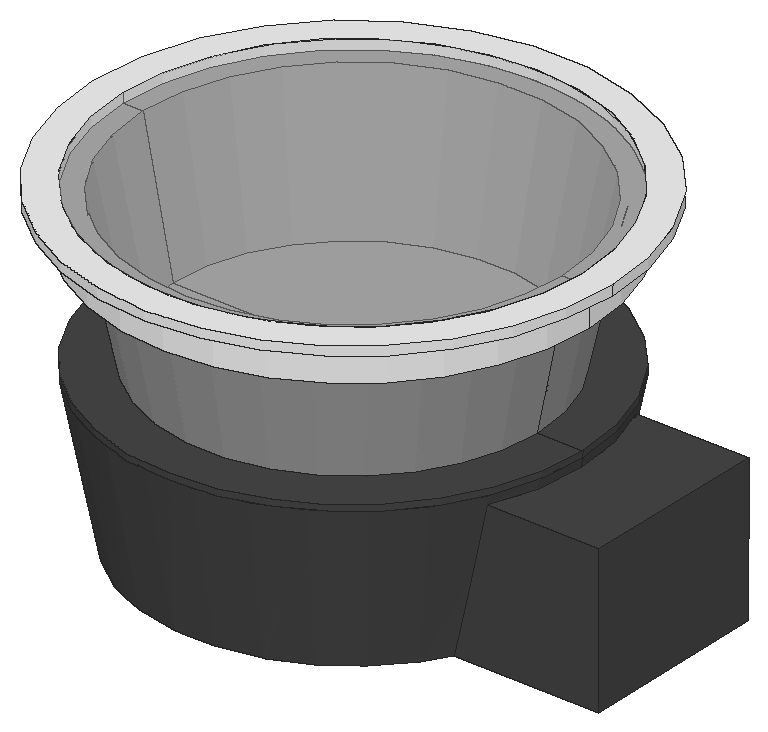
Revit family "3097182 Lighting Fixture_Sylvania_Insaver LED 150 LO-Low Profile_Ceiling Recessed", category Lighting Fixtures, host Face, Revit 2017
Family settings
  Host = Face
  Round Connector Dimension = Use Diameter
  Part Type = Normal
  OmniClass Number = 23.80.70.11.17
  OmniClass Title = Specialized Lighting by Location or Use
  Cut with Voids When Loaded = No
  Light Source = Yes
  Shared = No
  Room Calculation Point = No
Parameters (values of type "Insaver 150 LED RS 19W WW EB WH")
  Weight = 1.20 kg  # constant formula
  Wattage = 19.4638 W
  built-in parameter 1150110 = 1 (stored number, unit not read)
  Voltage Comments = "UNV (Universal Voltage; 220-240 Volt)"  # constant formula
  Voltage = 240 V  # constant formula
  URL = "http://www.sylvania-lighting.com"
  Transformator Material = Aluminum_Sylvania_Insaver 150 LED_Black
  built-in parameter 1114217 = 1 (stored number, unit not read)
  Tilt Angle = -90.00°  # constant formula
  built-in parameter 1150109 = 1 (stored number, unit not read)
  built-in parameter 1150134 = (empty or 0)
  T Class Min = -1 °C
  T Class Max = -1 °C
  built-in parameter 1150113 = 1 (stored number, unit not read)
  Reflector Material = Polycarbonate_Sylvania_Insaver 150 LED_Silver
  Recessed Depth = Height  # 100.0 mm
  Product Page URL = "http://www.sylvania-lighting.com/product/en-int/products/3097182"
  Product Family = "INSAVER LED 150 LO - LOW PROFILE"  # constant formula
  Photometry Comments = ""
  Photometric Web File = "3097182_Insaver150LEDRS19WWWEBWH-98726.ies"
  built-in parameter 1150105 = 678.23 (stored number, unit not read)
  Lumens = 1343 lm
  built-in parameter 1150115 = 1 (stored number, unit not read)
  built-in parameter 1150137 = (empty or 0)
  built-in parameter 1150139 = (empty or 0)
  Life = "50 000"  # constant formula
  built-in parameter 1150112 = 1 (stored number, unit not read)
  built-in parameter 1150114 = 1 (stored number, unit not read)
  Lamp Comments = "Integrated LED"
  Inner Radius = Inner Diameter / 2  # 74.0 mm
  Inner Diameter = Cutout Diameter - 4.0 mm  # 148.0 mm
  built-in parameter 1150132 = 2
  built-in parameter 1150102 = (empty or 0)
  built-in parameter 1150107 = 3000 (stored number, unit not read)
  built-in parameter 1150138 = (empty or 0)
  built-in parameter 1150106 = 6.7823 (stored number, unit not read)
  Glow Wire Test = 650 °C  # constant formula
  Emit from Circle Diameter = Inner Diameter  # 148.0 mm
  Emit Shape Visible in Rendering = no
  built-in parameter 1150104 = 6.4103 (stored number, unit not read)
  Drive Current = "700mA"  # constant formula
  Dimming Lamp Color Temperature Shift = <None>
  Cutout Diameter = 152.0 mm
  Connector Width = 60.0 mm
  Connector Length = Cutout Diameter - 49.0 mm  # 103.0 mm
  Color Filter = 16777215
  CRI ( Ra ) = 75  # constant formula
  Beam Angle = "Wide"  # constant formula
  built-in parameter 1114218 = 1 (stored number, unit not read)
  built-in parameter 1150133 = 10 (stored number, unit not read)
  IP Rating = "IP44"  # constant formula
  Height = 100.0 mm
  Electrical Protection = "CLASS II"  # constant formula
  built-in parameter 1114216 [instance] = 1 (stored number, unit not read)
  Model = "3097182 Insaver 150 LED RS 19W WW EB WH"
  Manufacturer = "Feilo Sylvania"
  Lamp = "Mid Power LEDs"
  Diffuser Material = Polycarbonate_Sylvania_Insaver 150 LED_Opal
  Description = "New updated midpower LED chips, High light output up to 2,200lm High efficacy - up to 73lm/W Low weight, facetted, scratch-resistant polycarbonate reflector 2 versions: low recess depth (<100mm) and low glare"  # constant formula
  Default Elevation = 0.0 mm
  built-in parameter 1140040 [instance] = 1
  Assembly Code = "D5020200"
  Apparent Load Comments = ""
  Apparent Load = 19 VA
  Accessory Material = Aluminum_Sylvania_Insaver 150 LED_White
  Diameter = Cutout Diameter + 15.0 mm  # 167.0 mm
Types (2, lengths in mm): name | Wattage | built-in parameter 1150134 | Photometric Web File | built-in parameter 1150105 | Lumens | Inner Radius | Inner Diameter | built-in parameter 1150107 | built-in parameter 1150106 | Emit from Circle Diameter | Cutout Diameter | Connector Length | Model | Diameter
  Insaver 150 LED RS 19W WW EB WH | 19.4638 W | (empty or 0) | "3097182_Insaver150LEDRS19WWWEBWH-98726.ies" | 678.23 (stored number, unit not read) | 1343 lm | 74.0 | 148.0 | 3000 (stored number, unit not read) | 6.7823 (stored number, unit not read) | 148.0 | 152.0 | 103.0 | "3097182 Insaver 150 LED RS 19W WW EB WH" | 167.0
  Insaver 150 LED RS 19W NW EB WH | 19 W | 12 | "3097183_Insaver150LEDRS19WNWEBWH-98848.ies" | 104.33 (stored number, unit not read) | 1311 lm | 73.0 | 146.0 | 4000 (stored number, unit not read) | 1.0433 (stored number, unit not read) | 146.0 | 150.0 | 101.0 | "3097183 Insaver 150 LED RS 19W NW EB WH" | 165.0
Reference planes
  plane 1 "Center (Front/Back)": y = 0
  plane 2: z = 0
  plane 3 "Center (Left/Right)": x = 0
  plane 4 "Fixture Bottom": z = 3
  plane 5 "Accessory Top": z = -12
  plane 6 "Reflector Top": z = -48
  plane 7 "Fixture Top": z = -100
  plane 8 "Connector": z = -53
  plane 9 "Connector Length": x = 103
  plane 10 "Connector Right": y = 30
  plane 11 "Connector Left": y = -30
Forms (mm)
  Extrusion 1, void
    sketch origin (0, 0, 58) x (-1, 0, 0) y (0, -1, 0)
      loop
        circle (0, 0) r 76
    from -158 to -55
  Extrusion 2, solid, material "Aluminum_Sylvania_Insaver 150 LED_White" <- "Accessory Material", detail levels fine
    sketch origin (0, 0, 58) x (-1, 0, 0) y (0, -1, 0)
      loop
        circle (0, 0) r 83.5
      loop
        circle (0, 0) r 76
    from -58 to -55
  Extrusion 3, solid, material "Aluminum_Sylvania_Insaver 150 LED_White" <- "Accessory Material", detail levels fine
    sketch origin (0, 0, 58) x (-1, 0, 0) y (0, -1, 0)
      loop
        circle (0, 0) r 76
      loop
        circle (0, 0) r 74
    from -70 to -55
  Revolve 4, solid, material "Polycarbonate_Sylvania_Insaver 150 LED_Silver" <- "Reflector Material", detail levels fine
    sketch origin (0, 0, 0) x (1, 0, 0) y (0, 0, 1)
      loop
        line (-59.354, -48) -> (0, -48) -> (0, -46) -> (-57.73, -46) -> (-67.376, 0) -> (-74, 0) -> (-74, -2) -> (-69, -2) -> (-59.354, -48)
      axis (0, 0) -> (0, -48)
    angle from 0 to 360
  Revolve 5, solid, material "Aluminum_Sylvania_Insaver 150 LED_Black" <- "Transformator Material", detail levels fine
    sketch origin (0, 0, 0) x (1, 0, 0) y (0, 0, 1)
      loop
        line (-74, -48) -> (-74, -50) -> (-64, -100) -> (0, -100) -> (0, -48) -> (-74, -48)
      axis (0, -48) -> (0, -100)
    angle from 0 to 360
  Extrusion 6, solid, material "Aluminum_Sylvania_Insaver 150 LED_Black" <- "Transformator Material", detail levels fine
    sketch origin (0, 0, 58) x (-1, 0, 0) y (0, -1, 0)
      loop
        line (0, -30) -> (0, 30) -> (-103, 30) -> (-103, -30) -> (0, -30)
    from -158 to -111
  Extrusion 7, solid, material "Polycarbonate_Sylvania_Insaver 150 LED_Opal" <- "Diffuser Material", detail levels fine
    sketch origin (0, 0, 58) x (-1, 0, 0) y (0, -1, 0)
      loop
        circle (0, 0) r 74
    from -58 to -55
  Revolve 8, solid, material "Aluminum_Sylvania_Insaver 150 LED_White" <- "Accessory Material", detail levels coarse+medium
    sketch origin (0, 0, 0) x (1, 0, 0) y (0, 0, 1)
      loop
        line (-74, -48) -> (-74, -50) -> (-64, -100) -> (0, -100) -> (0, 3) -> (-83.5, 3) -> (-83.5, 0) -> (-74, 0) -> (-74, -2) -> (-69, -2) -> (-59.354, -48) -> (-74, -48)
      axis (0, 3) -> (0, -100)
    angle from 0 to 360
  Extrusion 9, solid, material "Aluminum_Sylvania_Insaver 150 LED_White" <- "Accessory Material", detail levels coarse+medium
    sketch origin (0, 0, 58) x (-1, 0, 0) y (0, -1, 0)
      loop
        line (0, -30) -> (0, 30) -> (-103, 30) -> (-103, -30) -> (0, -30)
    from -158 to -111
Cuts and joins
  joined: Extrusion 2, Extrusion 3
  joined: Revolve 5, Extrusion 6
  joined: Revolve 8, Extrusion 9
Dimensions and locks
  locked: plane 4 "Fixture Bottom" to plane 2 at 3
  locked: plane 2 to plane 5 "Accessory Top" at 12
  locked: plane 5 "Accessory Top" to plane 6 "Reflector Top" at 36
  "Height": plane 2 to plane 7 "Fixture Top"
  locked: Revolve 4 sketch curve to plane 6 "Reflector Top" at 2
  "Inner Radius": plane 3 "Center (Left/Right)" to Revolve 4 sketch curve
  locked: Revolve 4 sketch curve to Revolve 4 sketch curve at 5
  locked: Revolve 4 sketch curve to Revolve 4 sketch curve at 14.646
  locked: plane 2 to Revolve 4 sketch curve at 2
  locked: Revolve 4 sketch curve to Revolve 4 sketch curve at 2
  "Inner Radius": Revolve 5 sketch curve to plane 3 "Center (Left/Right)"
  locked: Revolve 5 sketch curve to Revolve 5 sketch curve at 10
  locked: plane 6 "Reflector Top" to plane 8 "Connector" at 5
  "Connector Length": plane 3 "Center (Left/Right)" to plane 9 "Connector Length"
  equal spacing: plane 10 "Connector Right", plane 1 "Center (Front/Back)", plane 11 "Connector Left"
  "Connector Width": plane 10 "Connector Right" to plane 11 "Connector Left"
  locked: Revolve 8 sketch curve to Revolve 8 sketch curve at 10
  locked: plane 2 to Revolve 8 sketch curve at 2
  locked: Revolve 8 sketch curve to Revolve 8 sketch curve at 5
  locked: Revolve 8 sketch curve to Revolve 8 sketch curve at 9.5
  "Inner Radius": Revolve 8 sketch curve to plane 3 "Center (Left/Right)"  (x2)
  locked: Revolve 8 sketch curve to Revolve 8 sketch curve at 14.646
  "Cutout Diameter": diameter of Extrusion 1 sketch curve
  "Diameter": diameter of Extrusion 2 sketch curve
  "Cutout Diameter": diameter of Extrusion 2 sketch curve
  "Cutout Diameter": diameter of Extrusion 3 sketch curve
  "Inner Diameter": diameter of Extrusion 3 sketch curve
  "Inner Diameter": diameter of Extrusion 7 sketch curve
  aligned and locked: host face to plane 2
  aligned and locked: host face to level
  aligned and locked: Extrusion 2 to level
  aligned and locked: plane 4 "Fixture Bottom" to Extrusion 2
  aligned and locked: Extrusion 3 to plane 5 "Accessory Top"
  aligned and locked: plane 4 "Fixture Bottom" to Extrusion 3
  aligned and locked: Revolve 4 sketch curve to plane 3 "Center (Left/Right)"  (x2)
  aligned and locked: Revolve 4 sketch curve to plane 6 "Reflector Top"
  aligned and locked: Revolve 4 sketch curve to host face
  aligned and locked: Revolve 5 sketch curve to plane 3 "Center (Left/Right)"  (x2)
  aligned and locked: Revolve 5 sketch curve to plane 6 "Reflector Top"
  aligned and locked: plane 7 "Fixture Top" to Revolve 5 sketch curve
  aligned and locked: Extrusion 6 sketch curve to plane 10 "Connector Right"
  aligned and locked: plane 3 "Center (Left/Right)" to Extrusion 6 sketch curve
  aligned and locked: plane 11 "Connector Left" to Extrusion 6 sketch curve
  aligned and locked: Extrusion 6 sketch curve to plane 9 "Connector Length"
  aligned and locked: Extrusion 6 to plane 7 "Fixture Top"
  aligned and locked: Extrusion 6 to plane 8 "Connector"
  aligned and locked: Extrusion 7 to level
  aligned and locked: plane 4 "Fixture Bottom" to Extrusion 7
  aligned and locked: Revolve 8 sketch curve to plane 4 "Fixture Bottom"
  aligned and locked: Revolve 8 sketch curve to plane 2
  aligned and locked: Revolve 8 sketch curve to plane 3 "Center (Left/Right)"
  aligned and locked: plane 4 "Fixture Bottom" to Extrusion 1
  aligned and locked: Extrusion 1 to plane 7 "Fixture Top"
  aligned and locked: plane 3 "Center (Left/Right)" to imposter light
  aligned and locked: imposter light to plane 1 "Center (Front/Back)"
  aligned and locked: imposter light to plane 4 "Fixture Bottom"
  aligned and locked: Extrusion 9 to plane 3 "Center (Left/Right)"
  aligned and locked: plane 10 "Connector Right" to Extrusion 9
  aligned and locked: Extrusion 9 to plane 11 "Connector Left"
  aligned and locked: plane 9 "Connector Length" to Extrusion 9
  aligned and locked: Extrusion 9 to plane 7 "Fixture Top"
  aligned and locked: Extrusion 9 to plane 8 "Connector"
  aligned and locked: Extrusion 9 to cut or joined group of Revolve 5, Extrusion 6
Automatic sketch dimensions
  host sketch curve to host sketch curve = 700.0 mm
  host sketch curve to host sketch curve = 620.0 mm
  plane 9 "Connector Length" to Extrusion 9 sketch curve = 0.0 mm
  Extrusion 9 sketch curve to plane 3 "Center (Left/Right)" = 0.0 mm
  Extrusion 9 sketch curve to plane 10 "Connector Right" = 0.0 mm
  Extrusion 9 sketch curve to plane 11 "Connector Left" = 0.0 mm
  plane 1 "Center (Front/Back)" to Extrusion 1 sketch curve = 0.0 mm
  Extrusion 1 sketch curve to plane 3 "Center (Left/Right)" = 0.0 mm
  Extrusion 2 sketch curve to Extrusion 2 sketch curve = 0.0 mm  (x2)
  plane 1 "Center (Front/Back)" to Extrusion 2 sketch curve = 0.0 mm
  Extrusion 2 sketch curve to plane 3 "Center (Left/Right)" = 0.0 mm
  Extrusion 3 sketch curve to Extrusion 3 sketch curve = 0.0 mm  (x2)
  plane 1 "Center (Front/Back)" to Extrusion 3 sketch curve = 0.0 mm
  Extrusion 3 sketch curve to plane 3 "Center (Left/Right)" = 0.0 mm
  plane 8 "Connector" to Revolve 4 sketch curve = 17.963 mm
  plane 4 "Fixture Bottom" to Revolve 4 sketch curve = 11.037 mm
  Revolve 5 sketch curve to plane 6 "Reflector Top" = 2.0 mm
  Revolve 5 sketch curve to plane 7 "Fixture Top" = 50.858 mm
  Revolve 5 sketch curve to plane 5 "Accessory Top" = 13.858 mm
  plane 1 "Center (Front/Back)" to Extrusion 7 sketch curve = 0.0 mm
  Extrusion 7 sketch curve to plane 3 "Center (Left/Right)" = 0.0 mm
  Revolve 8 sketch curve to plane 3 "Center (Left/Right)" = 0.0 mm
  Revolve 8 sketch curve to plane 7 "Fixture Top" = 0.0 mm
  Revolve 8 sketch curve to plane 6 "Reflector Top" = 0.0 mm
  Revolve 8 sketch curve to Revolve 8 sketch curve = 2.0 mm
  Revolve 8 sketch curve to Revolve 8 sketch curve = 50.858 mm
  Revolve 8 sketch curve to plane 5 "Accessory Top" = 13.858 mm
Connectors
  electrical at (103, 0, -76.5), driven by "Voltage", driven by "Apparent Load"
    settings: on cut or joined group of Revolve 5, Extrusion 6, index 1, voltage 240 V, apparent load 0 VA, apparent load phase1 19 VA, apparent load phase2 0 VA, apparent load phase3 0 VA, power factor 1, load classification "Lighting", number of poles 1, system type 31, power factor state 1, is connector primary yes, connector utility no, sub classification motor no, connector description ""
